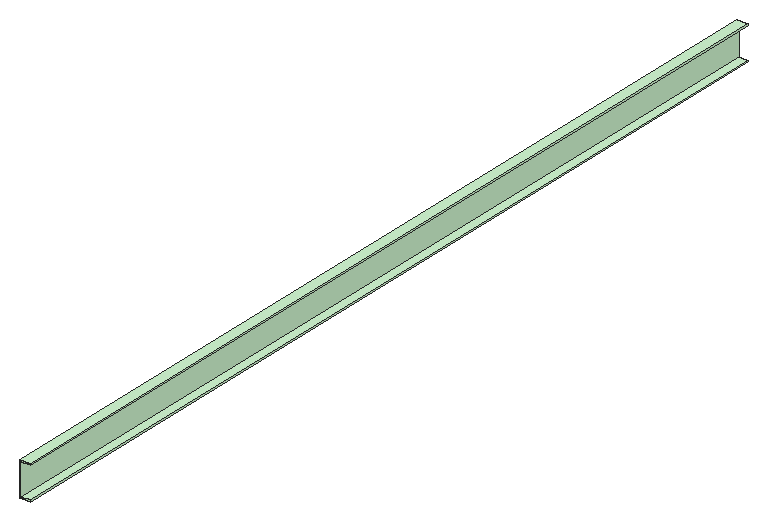
Revit family "CC-25", category 機械設備, Revit 2020
Family settings
  丸型コネクタ寸法 = 直径を使用
  種別 = なし
  パーツ タイプ = 標準
  作業面ベース = いいえ
  常に垂直 = はい
  ロード時にボイドで切り取り = いいえ
  共有 = いいえ
  部屋計算ポイント = いいえ
Parameters
  製造元 = "株式会社桐井製作所"
  既定の高さ = 0 mm
  URL = "https://www.kirii.co.jp/"
  K_長さ(mm) [instance] = 1000 mm
  K_材質 = "SGHC　一般用"
  K_断面積A(mm2) = 91.1
  K_断面係数Zy(mm3) = 118.5
  K_断面係数Zx(mm3) = 910
  K_断面2次半径iy(mm) = 3.4
  K_断面2次半径ix(mm) = 13.8
  K_断面2次モーメントIy(mm4) = 1066
  K_断面2次モーメントIx(mm4) = 17290
  K_外形寸法(mm) = "38×12×1.6"
  K_品名 = "CC-25"
  K_名称 = "野縁受け"
  K_単位質量(kg/m) = 0.725
  K_ヤング係数E(N/mm2) = 205000
  K_バージョン情報 = "20210524"
  K_めっき付着量 = "Z12"
  K_JIS規格 = "JIS G 3302"
  K_JIS外 = not(K_JIS)  # no
  K_JIS = yes
Reference planes
  plane 1 "中心(正面/背面)": y = 0
  plane 2: z = 0
  plane 3 "中心(左/右)": x = 0
  plane 4: y = 1000
  plane 5: x = 12
  plane 6: z = 38
Forms (mm)
  Extrusion 1, solid
    sketch origin (12, 0, 0) x (1, 0, 0) y (0, 0, 1)
      loop
        line (0, 38) -> (-12, 38) -> (-12, 0) -> (0, 0) -> (0, 1.6) -> (-10.4, 1.6) -> (-10.4, 36.4) -> (0, 36.4) -> (0, 38)
    from 0 to -1000
Dimensions and locks
  "K_長さ(mm)": plane 1 "中心(正面/背面)" to plane 4
  aligned and locked: level to plane 2
  aligned and locked: Extrusion 1 to plane 4
Automatic sketch dimensions
  Extrusion 1 sketch curve to plane 3 "中心(左/右)" = 0 mm
  plane 5 to Extrusion 1 sketch curve = 0 mm  (x2)
  Extrusion 1 sketch curve to plane 6 = 0 mm
  Extrusion 1 sketch curve to level = 0 mm
  level to Extrusion 1 sketch curve = 1.6 mm
  plane 3 "中心(左/右)" to Extrusion 1 sketch curve = 1.6 mm
  Extrusion 1 sketch curve to Extrusion 1 sketch curve = 1.6 mm
